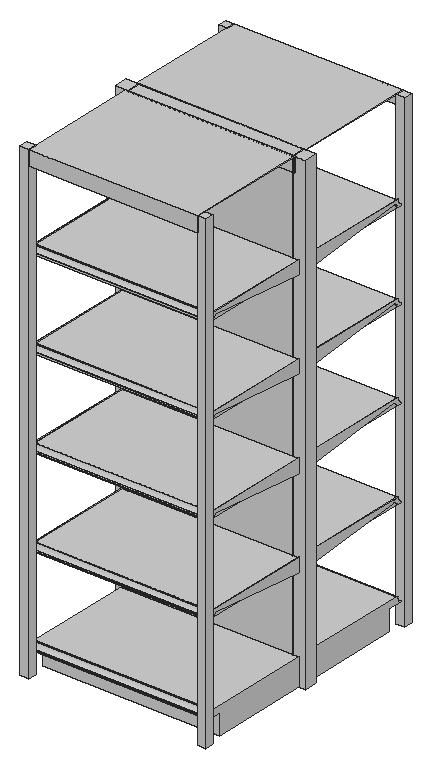
Revit family "HM1", category Specialty Equipment, Revit 2012
Parameters (values of type "Hyper Maxi Starter (Default)")
  Width = 3' - 0"
  URL = "http://madixinc.com/display/maxiline.html"
  Model = "Hyper Maxi"
  Manufacturer = "© 2012 Madix, Inc. All rights reserved."
  "Front" Base Shelf [instance] = yes
  "Front" Shelf 2' [instance] = yes
  "Front" Shelf 3' - 6" [instance] = yes
  "Front" Shelf 5' [instance] = yes
  "Front" Shelf 6' - 6" [instance] = yes
  "Back" Base Shelf [instance] = yes
  "Back" Shelf 2' [instance] = yes
  "Back" Shelf 3' - 6" [instance] = yes
  "Front" Shelf Depth = 1' - 10"
  "Back" Shelf 5' [instance] = yes
  "Back" Shelf Depth = 1' - 10"
  Upright Height = 8' - 0"
  "Back" Shelf 6' - 6" [instance] = yes
Reference planes (in)
  plane 1 "Center (Front/Back)": y = 0
  plane 2: z = 0
  plane 3 "Center (Left/Right)": x = 0
  plane 4: y = 1.375
  plane 5: y = -1.375
  plane 6: z = 96
  plane 7: z = 0
  plane 8 "1st shelf": z = 23.5
  plane 9 "2nd shelf": z = 41.5
  plane 10 "3rd shelf": z = 59.5
  plane 11 "4th shelf": z = 77.5
  plane 12: y = -24.25
  plane 13: x = -18
  plane 14: x = 18
  plane 15: x = -17.875
  plane 16: x = 17.875
  plane 17: z = 41.5
  plane 18: y = 24.25
  plane 19: y = 23.375
  plane 20: y = -23.375
Forms (in)
  Extrusion 1, solid, material "Metal - Steel"
    sketch origin (-24, 1.375, 0) x (1, 0, 0) y (0, 0, 1)
      loop
        line (6, 0) -> (7.25, 0) -> (42, 0) -> (43.25, 0) -> (43.25, 96) -> (40.75, 96) -> (40.75, 0.03125) -> (40.71924, 0.03125) -> (40.71924, 96) -> (7.2815, 96) -> (7.2815, 0.03125) -> (7.25, 0.03125) -> (7.25, 96) -> (4.75, 96) -> (4.75, 0) -> (6, 0)
    from 0 to 2.75
  Extrusion 2, solid, material "Metal - Steel", visible <- ""Front" Base Shelf"
    sketch origin (0, 0, 0) x (0, 1, 0) y (0, 0, 1)
      loop
        line (-1.375, 0) -> (-1.375, 5.5) -> (-23.375, 5.5) -> (-23.50139, 5.5) -> (-23.50139, 5.375) -> (-23.375, 5.375)
        arc (-23.375, 5.375) -> (-23.63696, 4.73714) -> (-24.125, 4.25) r 1.75
        line (-24.125, 4.25) -> (-24.125, 4.375) -> (-24.25, 4.375) -> (-24.25, 4.25) -> (-24.25, 4.125) -> (-21.375, 4.125) -> (-21.375, 0) -> (-1.375, 0)
    from -18 to 18
  Extrusion 3, solid, material "Metal - Steel", visible <- ""Front" Shelf 2'"
    sketch origin (0, 0, 0) x (0, 1, 0) y (0, 0, 1)
      loop
        line (-1.375, 23.5) -> (-23.5, 23.5) -> (-23.625, 23.5)
        arc (-23.625, 23.5) -> (-23.83033, 22.87796) -> (-24.25, 22.375) r 1.75
        line (-24.25, 22.375) -> (-24.25, 22.125) -> (-23.375, 22.125) -> (-23.375, 22.375) -> (-22.625, 23) -> (-22.375, 23) -> (-22.375, 22.875) -> (-1.375, 20.75) -> (-1.375, 23.5)
      loop
        circle (-20.375, 23) r 0.125
      loop
        circle (-2.5, 23) r 0.125
    from -18 to -17.875
  Extrusion 4, solid, material "Metal - Steel", visible <- ""Front" Shelf 2'"
    sketch origin (0, 0, 0) x (0, 1, 0) y (0, 0, 1)
      loop
        line (-23.5, 23.5) -> (-23.5, 23.375) -> (-23.375, 23.375)
        arc (-23.375, 23.375) -> (-23.58033, 22.75296) -> (-24, 22.25) r 1.75
        line (-24, 22.25) -> (-24, 22.375) -> (-24.125, 22.375) -> (-24.125, 22.125) -> (-23.375, 22.125) -> (-1.375, 22.125) -> (-1.375, 23.5) -> (-23.5, 23.5)
    from -17.875 to 17.875
  Extrusion 5, solid, material "Metal - Steel", visible <- ""Front" Shelf 2'"
    sketch origin (0, 0, 0) x (0, 1, 0) y (0, 0, -1)
      loop
        line (-1.375, -23.5) -> (-1.375, -20.75) -> (-22.375, -22.875) -> (-22.375, -23) -> (-22.625, -23) -> (-23.375, -22.375) -> (-23.375, -22.125) -> (-24.25, -22.125) -> (-24.25, -22.375)
        arc (-24.25, -22.375) -> (-23.83033, -22.87796) -> (-23.625, -23.5) r 1.75
        line (-23.625, -23.5) -> (-23.5, -23.5) -> (-1.375, -23.5)
      loop
        circle (-20.375, -23) r 0.125
      loop
        circle (-2.5, -23) r 0.125
    from -18 to -17.875
  Extrusion 6, solid, material "Metal - Steel", visible <- ""Front" Shelf 3' - 6""
    sketch origin (0, 0, 18) x (0, 1, 0) y (0, 0, 1)
      loop
        line (-1.375, 23.5) -> (-23.5, 23.5) -> (-23.625, 23.5)
        arc (-23.625, 23.5) -> (-23.83033, 22.87796) -> (-24.25, 22.375) r 1.75
        line (-24.25, 22.375) -> (-24.25, 22.125) -> (-23.375, 22.125) -> (-23.375, 22.375) -> (-22.625, 23) -> (-22.375, 23) -> (-22.375, 22.875) -> (-1.375, 20.75) -> (-1.375, 23.5)
      loop
        circle (-20.375, 23) r 0.125
      loop
        circle (-2.5, 23) r 0.125
    from -18 to -17.875
  Extrusion 7, solid, material "Metal - Steel", visible <- ""Front" Shelf 3' - 6""
    sketch origin (0, 0, 18) x (0, 1, 0) y (0, 0, 1)
      loop
        line (-23.5, 23.5) -> (-23.5, 23.375) -> (-23.375, 23.375)
        arc (-23.375, 23.375) -> (-23.58033, 22.75296) -> (-24, 22.25) r 1.75
        line (-24, 22.25) -> (-24, 22.375) -> (-24.25, 22.375) -> (-24.25, 22.125) -> (-23.375, 22.125) -> (-1.375, 22.125) -> (-1.375, 23.5) -> (-23.5, 23.5)
    from -17.875 to 17.875
  Extrusion 8, solid, material "Metal - Steel", visible <- ""Front" Shelf 3' - 6""
    sketch origin (0, 0, 18) x (0, 1, 0) y (0, 0, -1)
      loop
        line (-1.375, -23.5) -> (-1.375, -20.75) -> (-22.375, -22.875) -> (-22.375, -23) -> (-22.625, -23) -> (-23.375, -22.375) -> (-23.375, -22.125) -> (-24.25, -22.125) -> (-24.25, -22.375)
        arc (-24.25, -22.375) -> (-23.83033, -22.87796) -> (-23.625, -23.5) r 1.75
        line (-23.625, -23.5) -> (-23.5, -23.5) -> (-1.375, -23.5)
      loop
        circle (-20.375, -23) r 0.125
      loop
        circle (-2.5, -23) r 0.125
    from -18 to -17.875
  Extrusion 9, solid, material "Metal - Steel", visible <- ""Front" Shelf 5'"
    sketch origin (0, 0, 36) x (0, 1, 0) y (0, 0, 1)
      loop
        line (-1.375, 23.5) -> (-23.5, 23.5) -> (-23.625, 23.5)
        arc (-23.625, 23.5) -> (-23.83033, 22.87796) -> (-24.25, 22.375) r 1.75
        line (-24.25, 22.375) -> (-24.25, 22.125) -> (-23.375, 22.125) -> (-23.375, 22.375) -> (-22.625, 23) -> (-22.375, 23) -> (-22.375, 22.875) -> (-1.375, 20.75) -> (-1.375, 23.5)
      loop
        circle (-20.375, 23) r 0.125
      loop
        circle (-2.5, 23) r 0.125
    from -18 to -17.875
  Extrusion 10, solid, material "Metal - Steel", visible <- ""Front" Shelf 5'"
    sketch origin (0, 0, 36) x (0, 1, 0) y (0, 0, 1)
      loop
        line (-23.5, 23.5) -> (-23.5, 23.375) -> (-23.375, 23.375)
        arc (-23.375, 23.375) -> (-23.58033, 22.75296) -> (-24, 22.25) r 1.75
        line (-24, 22.25) -> (-24, 22.375) -> (-24.25, 22.375) -> (-24.25, 22.125) -> (-23.375, 22.125) -> (-1.375, 22.125) -> (-1.375, 23.5) -> (-23.5, 23.5)
    from -17.875 to 17.875
  Extrusion 11, solid, material "Metal - Steel", visible <- ""Front" Shelf 5'"
    sketch origin (0, 0, 36) x (0, 1, 0) y (0, 0, -1)
      loop
        line (-1.375, -23.5) -> (-1.375, -20.75) -> (-22.375, -22.875) -> (-22.375, -23) -> (-22.625, -23) -> (-23.375, -22.375) -> (-23.375, -22.125) -> (-24.25, -22.125) -> (-24.25, -22.375)
        arc (-24.25, -22.375) -> (-23.83033, -22.87796) -> (-23.625, -23.5) r 1.75
        line (-23.625, -23.5) -> (-23.5, -23.5) -> (-1.375, -23.5)
      loop
        circle (-20.375, -23) r 0.125
      loop
        circle (-2.5, -23) r 0.125
    from -18 to -17.875
  Extrusion 12, solid, material "Metal - Steel", visible <- ""Front" Shelf 6' - 6""
    sketch origin (0, 0, 54) x (0, 1, 0) y (0, 0, 1)
      loop
        line (-1.375, 23.5) -> (-23.5, 23.5) -> (-23.625, 23.5)
        arc (-23.625, 23.5) -> (-23.83033, 22.87796) -> (-24.25, 22.375) r 1.75
        line (-24.25, 22.375) -> (-24.25, 22.125) -> (-23.375, 22.125) -> (-23.375, 22.375) -> (-22.625, 23) -> (-22.375, 23) -> (-22.375, 22.875) -> (-1.375, 20.75) -> (-1.375, 23.5)
      loop
        circle (-20.375, 23) r 0.125
      loop
        circle (-2.5, 23) r 0.125
    from -18 to -17.875
  Extrusion 13, solid, material "Metal - Steel", visible <- ""Front" Shelf 6' - 6""
    sketch origin (0, 0, 54) x (0, 1, 0) y (0, 0, 1)
      loop
        line (-23.5, 23.5) -> (-23.5, 23.375) -> (-23.375, 23.375)
        arc (-23.375, 23.375) -> (-23.58033, 22.75296) -> (-24, 22.25) r 1.75
        line (-24, 22.25) -> (-24, 22.375) -> (-24.25, 22.375) -> (-24.25, 22.125) -> (-23.375, 22.125) -> (-1.375, 22.125) -> (-1.375, 23.5) -> (-23.5, 23.5)
    from -17.875 to 17.875
  Extrusion 14, solid, material "Metal - Steel", visible <- ""Front" Shelf 6' - 6""
    sketch origin (0, 0, 54) x (0, 1, 0) y (0, 0, -1)
      loop
        line (-1.375, -23.5) -> (-1.375, -20.75) -> (-22.375, -22.875) -> (-22.375, -23) -> (-22.625, -23) -> (-23.375, -22.375) -> (-23.375, -22.125) -> (-24.25, -22.125) -> (-24.25, -22.375)
        arc (-24.25, -22.375) -> (-23.83033, -22.87796) -> (-23.625, -23.5) r 1.75
        line (-23.625, -23.5) -> (-23.5, -23.5) -> (-1.375, -23.5)
      loop
        circle (-20.375, -23) r 0.125
      loop
        circle (-2.5, -23) r 0.125
    from -18 to -17.875
  Extrusion 15, solid, material "Metal - Steel", visible <- ""Back" Base Shelf"
    sketch origin (0, 0, 0) x (0, -1, 0) y (0, 0, -1)
      loop
        line (-1.375, 0) -> (-21.375, 0) -> (-21.375, -4.125) -> (-24.25, -4.125) -> (-24.25, -4.25) -> (-24.25, -4.375) -> (-24.125, -4.375) -> (-24.125, -4.25)
        arc (-24.125, -4.25) -> (-23.63696, -4.73714) -> (-23.375, -5.375) r 1.75
        line (-23.375, -5.375) -> (-23.50139, -5.375) -> (-23.50139, -5.5) -> (-23.375, -5.5) -> (-1.375, -5.5) -> (-1.375, 0)
    from -18 to 18
  Extrusion 16, solid, material "Metal - Steel", visible <- ""Back" Shelf 2'"
    sketch origin (0, 0, 0) x (0, -1, 0) y (0, 0, -1)
      loop
        line (-1.375, -23.5) -> (-1.375, -20.75) -> (-22.375, -22.875) -> (-22.375, -23) -> (-22.625, -23) -> (-23.375, -22.375) -> (-23.375, -22.125) -> (-24.25, -22.125) -> (-24.25, -22.375)
        arc (-24.25, -22.375) -> (-23.83033, -22.87796) -> (-23.625, -23.5) r 1.75
        line (-23.625, -23.5) -> (-23.5, -23.5) -> (-1.375, -23.5)
      loop
        circle (-20.375, -23) r 0.125
      loop
        circle (-2.5, -23) r 0.125
    from -18 to -17.875
  Extrusion 17, solid, material "Metal - Steel", visible <- ""Back" Shelf 2'"
    sketch origin (0, 0, 0) x (0, -1, 0) y (0, 0, -1)
      loop
        line (-23.5, -23.5) -> (-1.375, -23.5) -> (-1.375, -22.125) -> (-23.375, -22.125) -> (-24.125, -22.125) -> (-24.125, -22.375) -> (-24, -22.375) -> (-24, -22.25)
        arc (-24, -22.25) -> (-23.58033, -22.75296) -> (-23.375, -23.375) r 1.75
        line (-23.375, -23.375) -> (-23.5, -23.375) -> (-23.5, -23.5)
    from -17.875 to 17.875
  Extrusion 18, solid, material "Metal - Steel", visible <- ""Back" Shelf 2'"
    sketch origin (0, 0, 0) x (0, -1, 0) y (0, 0, 1)
      loop
        line (-1.375, 23.5) -> (-23.5, 23.5) -> (-23.625, 23.5)
        arc (-23.625, 23.5) -> (-23.83033, 22.87796) -> (-24.25, 22.375) r 1.75
        line (-24.25, 22.375) -> (-24.25, 22.125) -> (-23.375, 22.125) -> (-23.375, 22.375) -> (-22.625, 23) -> (-22.375, 23) -> (-22.375, 22.875) -> (-1.375, 20.75) -> (-1.375, 23.5)
      loop
        circle (-20.375, 23) r 0.125
      loop
        circle (-2.5, 23) r 0.125
    from -18 to -17.875
  Extrusion 19, solid, material "Metal - Steel", visible <- ""Back" Shelf 3' - 6""
    sketch origin (0, 0, 18) x (0, -1, 0) y (0, 0, -1)
      loop
        line (-1.375, -23.5) -> (-1.375, -20.75) -> (-22.375, -22.875) -> (-22.375, -23) -> (-22.625, -23) -> (-23.375, -22.375) -> (-23.375, -22.125) -> (-24.25, -22.125) -> (-24.25, -22.375)
        arc (-24.25, -22.375) -> (-23.83033, -22.87796) -> (-23.625, -23.5) r 1.75
        line (-23.625, -23.5) -> (-23.5, -23.5) -> (-1.375, -23.5)
      loop
        circle (-20.375, -23) r 0.125
      loop
        circle (-2.5, -23) r 0.125
    from -18 to -17.875
  Extrusion 20, solid, material "Metal - Steel", visible <- ""Back" Shelf 3' - 6""
    sketch origin (0, 0, 18) x (0, -1, 0) y (0, 0, -1)
      loop
        line (-23.5, -23.5) -> (-1.375, -23.5) -> (-1.375, -22.125) -> (-23.375, -22.125) -> (-24.25, -22.125) -> (-24.25, -22.375) -> (-24, -22.375) -> (-24, -22.25)
        arc (-24, -22.25) -> (-23.58033, -22.75296) -> (-23.375, -23.375) r 1.75
        line (-23.375, -23.375) -> (-23.5, -23.375) -> (-23.5, -23.5)
    from -17.875 to 17.875
  Extrusion 21, solid, material "Metal - Steel", visible <- ""Back" Shelf 3' - 6""
    sketch origin (0, 0, 18) x (0, -1, 0) y (0, 0, 1)
      loop
        line (-1.375, 23.5) -> (-23.5, 23.5) -> (-23.625, 23.5)
        arc (-23.625, 23.5) -> (-23.83033, 22.87796) -> (-24.25, 22.375) r 1.75
        line (-24.25, 22.375) -> (-24.25, 22.125) -> (-23.375, 22.125) -> (-23.375, 22.375) -> (-22.625, 23) -> (-22.375, 23) -> (-22.375, 22.875) -> (-1.375, 20.75) -> (-1.375, 23.5)
      loop
        circle (-20.375, 23) r 0.125
      loop
        circle (-2.5, 23) r 0.125
    from -18 to -17.875
  Extrusion 22, solid, material "Metal - Steel", visible <- ""Back" Shelf 5'"
    sketch origin (0, 0, 36) x (0, -1, 0) y (0, 0, -1)
      loop
        line (-1.375, -23.5) -> (-1.375, -20.75) -> (-22.375, -22.875) -> (-22.375, -23) -> (-22.625, -23) -> (-23.375, -22.375) -> (-23.375, -22.125) -> (-24.25, -22.125) -> (-24.25, -22.375)
        arc (-24.25, -22.375) -> (-23.83033, -22.87796) -> (-23.625, -23.5) r 1.75
        line (-23.625, -23.5) -> (-23.5, -23.5) -> (-1.375, -23.5)
      loop
        circle (-20.375, -23) r 0.125
      loop
        circle (-2.5, -23) r 0.125
    from -18 to -17.875
  Extrusion 23, solid, material "Metal - Steel", visible <- ""Back" Shelf 5'"
    sketch origin (0, 0, 36) x (0, -1, 0) y (0, 0, -1)
      loop
        line (-23.5, -23.5) -> (-1.375, -23.5) -> (-1.375, -22.125) -> (-23.375, -22.125) -> (-24.25, -22.125) -> (-24.25, -22.375) -> (-24, -22.375) -> (-24, -22.25)
        arc (-24, -22.25) -> (-23.58033, -22.75296) -> (-23.375, -23.375) r 1.75
        line (-23.375, -23.375) -> (-23.5, -23.375) -> (-23.5, -23.5)
    from -17.875 to 17.875
  Extrusion 24, solid, material "Metal - Steel", visible <- ""Back" Shelf 5'"
    sketch origin (0, 0, 36) x (0, -1, 0) y (0, 0, 1)
      loop
        line (-1.375, 23.5) -> (-23.5, 23.5) -> (-23.625, 23.5)
        arc (-23.625, 23.5) -> (-23.83033, 22.87796) -> (-24.25, 22.375) r 1.75
        line (-24.25, 22.375) -> (-24.25, 22.125) -> (-23.375, 22.125) -> (-23.375, 22.375) -> (-22.625, 23) -> (-22.375, 23) -> (-22.375, 22.875) -> (-1.375, 20.75) -> (-1.375, 23.5)
      loop
        circle (-20.375, 23) r 0.125
      loop
        circle (-2.5, 23) r 0.125
    from -18 to -17.875
  Extrusion 25, solid, material "Metal - Steel", visible <- ""Back" Shelf 6' - 6""
    sketch origin (0, 0, 54) x (0, -1, 0) y (0, 0, -1)
      loop
        line (-1.375, -23.5) -> (-1.375, -20.75) -> (-22.375, -22.875) -> (-22.375, -23) -> (-22.625, -23) -> (-23.375, -22.375) -> (-23.375, -22.125) -> (-24.25, -22.125) -> (-24.25, -22.375)
        arc (-24.25, -22.375) -> (-23.83033, -22.87796) -> (-23.625, -23.5) r 1.75
        line (-23.625, -23.5) -> (-23.5, -23.5) -> (-1.375, -23.5)
      loop
        circle (-20.375, -23) r 0.125
      loop
        circle (-2.5, -23) r 0.125
    from -18 to -17.875
  Extrusion 26, solid, material "Metal - Steel", visible <- ""Back" Shelf 6' - 6""
    sketch origin (0, 0, 54) x (0, -1, 0) y (0, 0, -1)
      loop
        line (-23.5, -23.5) -> (-1.375, -23.5) -> (-1.375, -22.125) -> (-23.375, -22.125) -> (-24.25, -22.125) -> (-24.25, -22.375) -> (-24, -22.375) -> (-24, -22.25)
        arc (-24, -22.25) -> (-23.58033, -22.75296) -> (-23.375, -23.375) r 1.75
        line (-23.375, -23.375) -> (-23.5, -23.375) -> (-23.5, -23.5)
    from -17.875 to 17.875
  Extrusion 27, solid, material "Metal - Steel", visible <- ""Back" Shelf 6' - 6""
    sketch origin (0, 0, 54) x (0, -1, 0) y (0, 0, 1)
      loop
        line (-1.375, 23.5) -> (-23.5, 23.5) -> (-23.625, 23.5)
        arc (-23.625, 23.5) -> (-23.83033, 22.87796) -> (-24.25, 22.375) r 1.75
        line (-24.25, 22.375) -> (-24.25, 22.125) -> (-23.375, 22.125) -> (-23.375, 22.375) -> (-22.625, 23) -> (-22.375, 23) -> (-22.375, 22.875) -> (-1.375, 20.75) -> (-1.375, 23.5)
      loop
        circle (-20.375, 23) r 0.125
      loop
        circle (-2.5, 23) r 0.125
    from -18 to -17.875
  Extrusion 28, solid, material "Metal - Steel"
    sketch origin (0, 0, 0) x (0, 1, 0) y (0, 0, 1)
      loop
        line (-24.25, 0) -> (-24.25, 96) -> (-26, 96) -> (-26, 0) -> (-24.25, 0)
    from -18.875 to -17.125
  Extrusion 29, solid, material "Metal - Steel"
    sketch origin (0, 0, 0) x (0, 1, 0) y (0, 0, -1)
      loop
        line (-24.25, 0) -> (-26, 0) -> (-26, -96) -> (-24.25, -96) -> (-24.25, 0)
    from -18.875 to -17.125
  Extrusion 30, solid, material "Metal - Steel"
    sketch origin (0, 0, 0) x (0, -1, 0) y (0, 0, -1)
      loop
        line (-24.25, 0) -> (-26, 0) -> (-26, -96) -> (-24.25, -96) -> (-24.25, 0)
    from -18.875 to -17.125
  Extrusion 31, solid, material "Metal - Steel"
    sketch origin (0, 0, 0) x (0, -1, 0) y (0, 0, 1)
      loop
        line (-24.25, 0) -> (-24.25, 96) -> (-26, 96) -> (-26, 0) -> (-24.25, 0)
    from -18.875 to -17.125
  Extrusion 32, solid, material "Metal - Steel"
    sketch origin (0, 0, 0) x (0, 1, 0) y (0, 0, 1)
      loop
        line (-1.375, 96) -> (-26, 96) -> (-26, 93) -> (-25.875, 93) -> (-25.875, 95.875) -> (-1.5, 95.875) -> (-1.5, 93) -> (-1.375, 93) -> (-1.375, 96)
    from -17.125 to 17.125
  Extrusion 33, solid, material "Metal - Steel"
    sketch origin (0, 27.375, 0) x (0, 1, 0) y (0, 0, 1)
      loop
        line (-1.375, 96) -> (-26, 96) -> (-26, 93) -> (-25.875, 93) -> (-25.875, 95.875) -> (-1.5, 95.875) -> (-1.5, 93) -> (-1.375, 93) -> (-1.375, 96)
    from -17.125 to 17.125
Lines and regions (in)
  Split face 1
    outline origin (-24, -1.375, 0) x (1, 0, 0) y (0, 0, 1)
      loop
        line (7.2815, 96) -> (7.2815, 0.03125) -> (40.71924, 0.03125) -> (40.71924, 96)
  Split face 2
    outline origin (-24, 1.375, 0) x (1, 0, 0) y (0, 0, 1)
      loop
        line (40.71924, 96) -> (40.71924, 0.03125) -> (7.2815, 0.03125) -> (7.2815, 96)
  model lines
    curve 1: line (-18, 0, 0) -> (18, 0, 0)
  reference lines
    curve 2: line (-16.75, 0, 23.5) -> (16.71875, 0, 23.5)
    curve 3: line (-16.75, 0, 59.5) -> (16.71875, 0, 59.5)
    curve 4: line (16.71875, 0, 77.5) -> (-16.71875, 0, 77.5)
Dimensions and locks (in)
  "Upright Height": plane 6 to level
  ""Front" Shelf Depth": plane 20 to plane 5
  equal spacing: plane 13, plane 3 "Center (Left/Right)", plane 14
  "Width": plane 13 to plane 14
  locked: plane 13 to plane 15 at 0.125
  locked: plane 16 to plane 14 at 0.125
  ""Back" Shelf Depth": plane 4 to plane 19
  locked: plane 19 to plane 18 at 0.875
  locked: plane 20 to plane 12 at 0.875
  aligned and locked: level to plane 2
  aligned and locked: plane 12 to Extrusion 2
  aligned and locked: Extrusion 2 to plane 5
  aligned and locked: plane 13 to Extrusion 2
  aligned and locked: plane 14 to Extrusion 2
  aligned and locked: Extrusion 4 to Extrusion 5
  aligned and locked: Extrusion 3 to Extrusion 2
  aligned and locked: Extrusion 3 to plane 15
  aligned and locked: Extrusion 4 to Extrusion 3
  aligned and locked: Extrusion 5 to Extrusion 2
  aligned and locked: plane 16 to Extrusion 5
  aligned and locked: Extrusion 7 to Extrusion 8
  aligned and locked: Extrusion 7 to Extrusion 6
  aligned and locked: Extrusion 6 to Extrusion 3
  aligned and locked: Extrusion 8 to Extrusion 4
  aligned and locked: Extrusion 8 to Extrusion 2
  aligned and locked: Extrusion 2 to Extrusion 7
  aligned and locked: Extrusion 6 to plane 15
  aligned and locked: Extrusion 6 to Extrusion 2
  aligned and locked: Extrusion 10 to Extrusion 11
  aligned and locked: Extrusion 10 to Extrusion 9
  aligned and locked: Extrusion 9 to Extrusion 3
  aligned and locked: Extrusion 2 to Extrusion 10
  aligned and locked: Extrusion 11 to Extrusion 2
  aligned and locked: Extrusion 11 to Extrusion 4
  aligned and locked: Extrusion 9 to Extrusion 2
  aligned and locked: Extrusion 13 to Extrusion 14
  aligned and locked: Extrusion 13 to Extrusion 12
  aligned and locked: Extrusion 12 to Extrusion 2
  aligned and locked: Extrusion 12 to Extrusion 3
  aligned and locked: Extrusion 2 to Extrusion 13
  aligned and locked: Extrusion 14 to Extrusion 2
  aligned and locked: Extrusion 14 to Extrusion 4
  aligned and locked: curve 1 to Extrusion 15
  aligned and locked: Extrusion 15 to Extrusion 2
  aligned and locked: Extrusion 2 to Extrusion 15
  aligned and locked: plane 13 to Extrusion 15
  aligned and locked: Extrusion 18 to Extrusion 17
  aligned and locked: Extrusion 16 to Extrusion 17
  aligned and locked: Extrusion 15 to plane 18
  aligned and locked: Extrusion 16 to curve 1
  aligned and locked: plane 15 to Extrusion 16
  aligned and locked: curve 1 to Extrusion 18
  aligned and locked: Extrusion 18 to Extrusion 4
  aligned and locked: Extrusion 16 to Extrusion 2
  aligned and locked: Extrusion 21 to Extrusion 20
  aligned and locked: Extrusion 19 to Extrusion 20
  aligned and locked: Extrusion 15 to Extrusion 20
  aligned and locked: plane 15 to Extrusion 19
  aligned and locked: plane 13 to Extrusion 19
  aligned and locked: Extrusion 21 to plane 14
  aligned and locked: Extrusion 21 to plane 16
  aligned and locked: Extrusion 24 to Extrusion 23
  aligned and locked: Extrusion 22 to Extrusion 23
  aligned and locked: Extrusion 15 to Extrusion 23
  aligned and locked: Extrusion 24 to plane 16
  aligned and locked: Extrusion 24 to plane 14
  aligned and locked: plane 15 to Extrusion 22
  aligned and locked: plane 13 to Extrusion 22
  aligned and locked: Extrusion 27 to Extrusion 26
  aligned and locked: Extrusion 25 to Extrusion 26
  aligned and locked: Extrusion 15 to Extrusion 26
  aligned and locked: plane 13 to Extrusion 25
  aligned and locked: plane 15 to Extrusion 25
  aligned and locked: Extrusion 27 to plane 14
  aligned and locked: Extrusion 27 to plane 16
  aligned and locked: Extrusion 1 to plane 6  (x2)
  aligned and locked: Extrusion 32 to Extrusion 28
  aligned and locked: Extrusion 32 to Extrusion 29
  aligned and locked: plane 19 to Extrusion 15
  aligned and locked: plane 20 to Extrusion 2
Automatic sketch dimensions
  plane 1 "Center (Front/Back)" to curve 1 = 0' - 0"
  curve 3 to plane 10 "3rd shelf" = 0' - 0"
  curve 2 to plane 8 "1st shelf" = 0' - 0"
  curve 4 to plane 11 "4th shelf" = 0' - 0"
  plane 15 to curve 3 = 0' - 1 1/8"
  plane 15 to curve 2 = 0' - 1 1/8"
  plane 15 to curve 4 = 0' - 1 5/32"
  plane 16 to curve 4 = 0' - 1 5/32"
  plane 16 to curve 3 = 0' - 1 5/32"
  plane 16 to curve 2 = 0' - 1 5/32"
  Extrusion 1 sketch curve to level = 0' - 0"
  Extrusion 1 sketch curve to plane 6 = 0' - 0"  (x3)
  plane 13 to Extrusion 1 sketch curve = 0' - 0"
  plane 14 to Extrusion 1 sketch curve = 0' - 0"
  plane 13 to Extrusion 1 sketch curve = 0' - 1 1/4"
  plane 15 to Extrusion 1 sketch curve = 0' - 1 1/8"  (x2)
  Extrusion 1 sketch curve to Extrusion 1 sketch curve = 0' - 0.0315"
  plane 16 to Extrusion 1 sketch curve = 0' - 1.15576"
  Extrusion 1 sketch curve to Extrusion 1 sketch curve = 0' - 0.03076"
  Extrusion 1 sketch curve to plane 14 = 0' - 1 1/4"
  level to Extrusion 1 sketch curve = 0' - 0 1/32"  (x2)
  Extrusion 2 sketch curve to plane 12 = 0' - 0"
  Extrusion 2 sketch curve to level = 0' - 0"
  Extrusion 2 sketch curve to plane 5 = 0' - 0"
  Extrusion 2 sketch curve to plane 12 = 0' - 0.84305"
  plane 12 to Extrusion 2 sketch curve = 0' - 0 1/8"
  plane 12 to Extrusion 2 sketch curve = 0' - 0.74861"
  Extrusion 2 sketch curve to Extrusion 2 sketch curve = 0' - 0.12639"
  Extrusion 2 sketch curve to Extrusion 2 sketch curve = 0' - 0"
  plane 12 to Extrusion 2 sketch curve = 0' - 2 7/8"
  level to Extrusion 2 sketch curve = 0' - 4 1/8"
  Extrusion 2 sketch curve to Extrusion 2 sketch curve = 0' - 0 1/8"  (x4)
  Extrusion 2 sketch curve to Extrusion 2 sketch curve = 0' - 1"
  Extrusion 3 sketch curve to plane 12 = 0' - 0"
  Extrusion 3 sketch curve to plane 8 "1st shelf" = 0' - 0"
  Extrusion 3 sketch curve to plane 5 = 0' - 0"
  plane 8 "1st shelf" to Extrusion 3 sketch curve = 0' - 0.22784"
  Extrusion 3 sketch curve to plane 12 = 0' - 1.11011"
  plane 12 to Extrusion 3 sketch curve = 0' - 0 5/8"
  Extrusion 3 sketch curve to Extrusion 3 sketch curve = 0' - 0 1/8"  (x2)
  plane 12 to Extrusion 3 sketch curve = 0' - 0 7/8"
  Extrusion 3 sketch curve to Extrusion 3 sketch curve = 0' - 0 3/4"
  Extrusion 3 sketch curve to Extrusion 3 sketch curve = 0' - 0 1/4"  (x2)
  Extrusion 3 sketch curve to plane 8 "1st shelf" = 0' - 0 1/2"  (x2)
  Extrusion 3 sketch curve to Extrusion 3 sketch curve = 0' - 2"
  plane 5 to Extrusion 3 sketch curve = 0' - 1 1/8"
  Extrusion 3 sketch curve to Extrusion 3 sketch curve = 0' - 0"
  Extrusion 3 sketch curve to Extrusion 3 sketch curve = 0' - 2 1/4"
  Extrusion 3 sketch curve to plane 8 "1st shelf" = 0' - 0 5/8"
  Extrusion 4 sketch curve to plane 8 "1st shelf" = 0' - 0"
  Extrusion 4 sketch curve to plane 5 = 0' - 0"
  plane 12 to Extrusion 4 sketch curve = 0' - 0 7/8"  (x2)
  Extrusion 4 sketch curve to plane 8 "1st shelf" = 0' - 0 1/8"
  Extrusion 4 sketch curve to Extrusion 4 sketch curve = 0' - 0 1/8"  (x3)
  plane 12 to Extrusion 4 sketch curve = 0' - 0 1/4"
  plane 12 to Extrusion 4 sketch curve = 0' - 0 1/8"
  plane 8 "1st shelf" to Extrusion 4 sketch curve = 0' - 0.10284"
  Extrusion 4 sketch curve to plane 12 = 0' - 0.86011"
  Extrusion 5 sketch curve to plane 12 = 0' - 0"
  Extrusion 5 sketch curve to plane 8 "1st shelf" = 0' - 0"
  Extrusion 5 sketch curve to plane 5 = 0' - 0"
  plane 8 "1st shelf" to Extrusion 5 sketch curve = 0' - 0.22784"
  Extrusion 5 sketch curve to plane 12 = 0' - 1.11011"
  plane 12 to Extrusion 5 sketch curve = 0' - 0 5/8"
  Extrusion 5 sketch curve to Extrusion 5 sketch curve = 0' - 0 1/8"  (x2)
  plane 12 to Extrusion 5 sketch curve = 0' - 0 7/8"
  Extrusion 5 sketch curve to Extrusion 5 sketch curve = 0' - 0 3/4"
  Extrusion 5 sketch curve to Extrusion 5 sketch curve = 0' - 0 1/4"  (x2)
  Extrusion 5 sketch curve to plane 8 "1st shelf" = 0' - 0 1/2"  (x3)
  Extrusion 5 sketch curve to Extrusion 5 sketch curve = 0' - 2"
  plane 5 to Extrusion 5 sketch curve = 0' - 1 1/8"
  Extrusion 5 sketch curve to Extrusion 5 sketch curve = 0' - 0"
  Extrusion 5 sketch curve to Extrusion 5 sketch curve = 0' - 2 1/4"
  Extrusion 6 sketch curve to plane 12 = 0' - 0"
  Extrusion 6 sketch curve to plane 9 "2nd shelf" = 0' - 0"
  Extrusion 6 sketch curve to plane 5 = 0' - 0"
  plane 9 "2nd shelf" to Extrusion 6 sketch curve = 0' - 0.22784"
  Extrusion 6 sketch curve to plane 12 = 0' - 1.11011"
  plane 12 to Extrusion 6 sketch curve = 0' - 0 5/8"
  Extrusion 6 sketch curve to Extrusion 6 sketch curve = 0' - 0 1/8"  (x2)
  plane 12 to Extrusion 6 sketch curve = 0' - 0 7/8"
  Extrusion 6 sketch curve to Extrusion 6 sketch curve = 0' - 0 3/4"
  Extrusion 6 sketch curve to Extrusion 6 sketch curve = 0' - 0 1/4"  (x2)
  Extrusion 6 sketch curve to plane 9 "2nd shelf" = 0' - 0 1/2"  (x2)
  Extrusion 6 sketch curve to Extrusion 6 sketch curve = 0' - 2"
  plane 5 to Extrusion 6 sketch curve = 0' - 1 1/8"
  Extrusion 6 sketch curve to Extrusion 6 sketch curve = 0' - 0"
  Extrusion 6 sketch curve to Extrusion 6 sketch curve = 0' - 2 1/4"
  Extrusion 6 sketch curve to plane 9 "2nd shelf" = 0' - 0 5/8"
  Extrusion 7 sketch curve to plane 12 = 0' - 0"
  Extrusion 7 sketch curve to plane 9 "2nd shelf" = 0' - 0"
  Extrusion 7 sketch curve to plane 5 = 0' - 0"
  plane 9 "2nd shelf" to Extrusion 7 sketch curve = 0' - 0.10284"
  Extrusion 7 sketch curve to plane 12 = 0' - 0.86011"
  plane 12 to Extrusion 7 sketch curve = 0' - 0 1/4"
  plane 12 to Extrusion 7 sketch curve = 0' - 0 3/4"
  Extrusion 7 sketch curve to Extrusion 7 sketch curve = 0' - 0 5/8"
  Extrusion 7 sketch curve to Extrusion 7 sketch curve = 0' - 0 1/8"  (x2)
  Extrusion 7 sketch curve to plane 9 "2nd shelf" = 0' - 0 1/8"
  Extrusion 7 sketch curve to Extrusion 7 sketch curve = 0' - 0 1/4"
  Extrusion 8 sketch curve to plane 12 = 0' - 0"
  Extrusion 8 sketch curve to plane 9 "2nd shelf" = 0' - 0"
  Extrusion 8 sketch curve to plane 5 = 0' - 0"
  plane 9 "2nd shelf" to Extrusion 8 sketch curve = 0' - 0.22784"
  Extrusion 8 sketch curve to plane 12 = 0' - 1.11011"
  plane 12 to Extrusion 8 sketch curve = 0' - 0 5/8"
  Extrusion 8 sketch curve to Extrusion 8 sketch curve = 0' - 0 1/8"  (x2)
  plane 12 to Extrusion 8 sketch curve = 0' - 0 7/8"
  Extrusion 8 sketch curve to Extrusion 8 sketch curve = 0' - 0 3/4"
  Extrusion 8 sketch curve to Extrusion 8 sketch curve = 0' - 0 1/4"  (x2)
  Extrusion 8 sketch curve to plane 9 "2nd shelf" = 0' - 0 1/2"  (x3)
  Extrusion 8 sketch curve to Extrusion 8 sketch curve = 0' - 2"
  plane 5 to Extrusion 8 sketch curve = 0' - 1 1/8"
  Extrusion 8 sketch curve to Extrusion 8 sketch curve = 0' - 0"
  Extrusion 8 sketch curve to Extrusion 8 sketch curve = 0' - 2 1/4"
  Extrusion 9 sketch curve to plane 12 = 0' - 0"
  Extrusion 9 sketch curve to plane 10 "3rd shelf" = 0' - 0"
  Extrusion 9 sketch curve to plane 5 = 0' - 0"
  plane 10 "3rd shelf" to Extrusion 9 sketch curve = 0' - 0.22784"
  Extrusion 9 sketch curve to plane 12 = 0' - 1.11011"
  plane 12 to Extrusion 9 sketch curve = 0' - 0 5/8"
  Extrusion 9 sketch curve to Extrusion 9 sketch curve = 0' - 0 1/8"  (x2)
  plane 12 to Extrusion 9 sketch curve = 0' - 0 7/8"
  Extrusion 9 sketch curve to Extrusion 9 sketch curve = 0' - 0 3/4"
  Extrusion 9 sketch curve to Extrusion 9 sketch curve = 0' - 0 1/4"  (x2)
  Extrusion 9 sketch curve to plane 10 "3rd shelf" = 0' - 0 1/2"  (x2)
  Extrusion 9 sketch curve to Extrusion 9 sketch curve = 0' - 2"
  plane 5 to Extrusion 9 sketch curve = 0' - 1 1/8"
  Extrusion 9 sketch curve to Extrusion 9 sketch curve = 0' - 0"
  Extrusion 9 sketch curve to Extrusion 9 sketch curve = 0' - 2 1/4"
  Extrusion 9 sketch curve to plane 10 "3rd shelf" = 0' - 0 5/8"
  Extrusion 10 sketch curve to plane 12 = 0' - 0"
  Extrusion 10 sketch curve to plane 10 "3rd shelf" = 0' - 0"
  Extrusion 10 sketch curve to plane 5 = 0' - 0"
  plane 10 "3rd shelf" to Extrusion 10 sketch curve = 0' - 0.10284"
  Extrusion 10 sketch curve to plane 12 = 0' - 0.86011"
  plane 12 to Extrusion 10 sketch curve = 0' - 0 1/4"
  plane 12 to Extrusion 10 sketch curve = 0' - 0 3/4"
  Extrusion 10 sketch curve to Extrusion 10 sketch curve = 0' - 0 5/8"
  Extrusion 10 sketch curve to Extrusion 10 sketch curve = 0' - 0 1/8"  (x2)
  Extrusion 10 sketch curve to plane 10 "3rd shelf" = 0' - 0 1/8"
  Extrusion 10 sketch curve to Extrusion 10 sketch curve = 0' - 0 1/4"
  Extrusion 11 sketch curve to plane 12 = 0' - 0"
  Extrusion 11 sketch curve to plane 10 "3rd shelf" = 0' - 0"
  Extrusion 11 sketch curve to plane 5 = 0' - 0"
  plane 10 "3rd shelf" to Extrusion 11 sketch curve = 0' - 0.22784"
  Extrusion 11 sketch curve to plane 12 = 0' - 1.11011"
  plane 12 to Extrusion 11 sketch curve = 0' - 0 5/8"
  Extrusion 11 sketch curve to Extrusion 11 sketch curve = 0' - 0 1/8"  (x2)
  plane 12 to Extrusion 11 sketch curve = 0' - 0 7/8"
  Extrusion 11 sketch curve to Extrusion 11 sketch curve = 0' - 0 3/4"
  Extrusion 11 sketch curve to Extrusion 11 sketch curve = 0' - 0 1/4"  (x2)
  Extrusion 11 sketch curve to plane 10 "3rd shelf" = 0' - 0 1/2"  (x3)
  Extrusion 11 sketch curve to Extrusion 11 sketch curve = 0' - 2"
  plane 5 to Extrusion 11 sketch curve = 0' - 1 1/8"
  Extrusion 11 sketch curve to Extrusion 11 sketch curve = 0' - 0"
  Extrusion 11 sketch curve to Extrusion 11 sketch curve = 0' - 2 1/4"
  Extrusion 12 sketch curve to plane 12 = 0' - 0"
  Extrusion 12 sketch curve to plane 11 "4th shelf" = 0' - 0"
  Extrusion 12 sketch curve to plane 5 = 0' - 0"
  plane 11 "4th shelf" to Extrusion 12 sketch curve = 0' - 0.22784"
  Extrusion 12 sketch curve to plane 12 = 0' - 1.11011"
  plane 12 to Extrusion 12 sketch curve = 0' - 0 5/8"
  Extrusion 12 sketch curve to Extrusion 12 sketch curve = 0' - 0 1/8"  (x2)
  plane 12 to Extrusion 12 sketch curve = 0' - 0 7/8"
  Extrusion 12 sketch curve to Extrusion 12 sketch curve = 0' - 0 3/4"
  Extrusion 12 sketch curve to Extrusion 12 sketch curve = 0' - 0 1/4"  (x2)
  Extrusion 12 sketch curve to plane 11 "4th shelf" = 0' - 0 1/2"  (x2)
  Extrusion 12 sketch curve to Extrusion 12 sketch curve = 0' - 2"
  plane 5 to Extrusion 12 sketch curve = 0' - 1 1/8"
  Extrusion 12 sketch curve to Extrusion 12 sketch curve = 0' - 0"
  Extrusion 12 sketch curve to Extrusion 12 sketch curve = 0' - 2 1/4"
  Extrusion 12 sketch curve to plane 11 "4th shelf" = 0' - 0 5/8"
  Extrusion 13 sketch curve to plane 12 = 0' - 0"
  Extrusion 13 sketch curve to plane 11 "4th shelf" = 0' - 0"
  Extrusion 13 sketch curve to plane 5 = 0' - 0"
  plane 11 "4th shelf" to Extrusion 13 sketch curve = 0' - 0.10284"
  Extrusion 13 sketch curve to plane 12 = 0' - 0.86011"
  plane 12 to Extrusion 13 sketch curve = 0' - 0 1/4"
  plane 12 to Extrusion 13 sketch curve = 0' - 0 3/4"
  Extrusion 13 sketch curve to Extrusion 13 sketch curve = 0' - 0 5/8"
  Extrusion 13 sketch curve to Extrusion 13 sketch curve = 0' - 0 1/8"  (x2)
  Extrusion 13 sketch curve to plane 11 "4th shelf" = 0' - 0 1/8"
  Extrusion 13 sketch curve to Extrusion 13 sketch curve = 0' - 0 1/4"
  Extrusion 14 sketch curve to plane 12 = 0' - 0"
  Extrusion 14 sketch curve to plane 11 "4th shelf" = 0' - 0"
  Extrusion 14 sketch curve to plane 5 = 0' - 0"
  plane 11 "4th shelf" to Extrusion 14 sketch curve = 0' - 0.22784"
  Extrusion 14 sketch curve to plane 12 = 0' - 1.11011"
  plane 12 to Extrusion 14 sketch curve = 0' - 0 5/8"
  Extrusion 14 sketch curve to Extrusion 14 sketch curve = 0' - 0 1/8"  (x2)
  plane 12 to Extrusion 14 sketch curve = 0' - 0 7/8"
  Extrusion 14 sketch curve to Extrusion 14 sketch curve = 0' - 0 3/4"
  Extrusion 14 sketch curve to Extrusion 14 sketch curve = 0' - 0 1/4"  (x2)
  Extrusion 14 sketch curve to plane 11 "4th shelf" = 0' - 0 1/2"  (x3)
  Extrusion 14 sketch curve to Extrusion 14 sketch curve = 0' - 2"
  plane 5 to Extrusion 14 sketch curve = 0' - 1 1/8"
  Extrusion 14 sketch curve to Extrusion 14 sketch curve = 0' - 0"
  Extrusion 14 sketch curve to Extrusion 14 sketch curve = 0' - 2 1/4"
  Split face 1 sketch curve to Extrusion 1 = 0' - 0"  (x4)
  Extrusion 1 to Split face 1 sketch curve = 0' - 0"
  Extrusion 15 sketch curve to plane 18 = 0' - 0"
  Extrusion 15 sketch curve to level = 0' - 0"
  Extrusion 15 sketch curve to plane 4 = 0' - 0"
  plane 18 to Extrusion 15 sketch curve = 0' - 0.84305"
  Extrusion 15 sketch curve to plane 18 = 0' - 0 1/8"
  Extrusion 15 sketch curve to plane 18 = 0' - 0.74861"
  Extrusion 15 sketch curve to Extrusion 15 sketch curve = 0' - 0.12639"
  Extrusion 15 sketch curve to Extrusion 15 sketch curve = 0' - 0"  (x2)
  Extrusion 15 sketch curve to plane 18 = 0' - 2 7/8"
  Extrusion 15 sketch curve to level = 0' - 4 1/8"
  Extrusion 15 sketch curve to Extrusion 15 sketch curve = 0' - 0 1/8"  (x3)
  Extrusion 15 sketch curve to Extrusion 15 sketch curve = 0' - 1"
  Extrusion 16 sketch curve to plane 18 = 0' - 0"
  Extrusion 16 sketch curve to plane 8 "1st shelf" = 0' - 0"
  Extrusion 16 sketch curve to plane 4 = 0' - 0"
  Extrusion 16 sketch curve to plane 8 "1st shelf" = 0' - 0.22784"
  plane 18 to Extrusion 16 sketch curve = 0' - 1.11011"
  Extrusion 16 sketch curve to plane 18 = 0' - 0 5/8"
  Extrusion 16 sketch curve to Extrusion 16 sketch curve = 0' - 0 1/8"  (x2)
  Extrusion 16 sketch curve to Extrusion 16 sketch curve = 0' - 0 7/8"
  Extrusion 16 sketch curve to Extrusion 16 sketch curve = 0' - 0 3/4"
  Extrusion 16 sketch curve to Extrusion 16 sketch curve = 0' - 0 1/4"  (x2)
  plane 8 "1st shelf" to Extrusion 16 sketch curve = 0' - 0 1/2"  (x2)
  Extrusion 16 sketch curve to Extrusion 16 sketch curve = 0' - 2"
  Extrusion 16 sketch curve to plane 4 = 0' - 1 1/8"
  Extrusion 16 sketch curve to Extrusion 16 sketch curve = 0' - 0"
  Extrusion 16 sketch curve to Extrusion 16 sketch curve = 0' - 2 1/4"
  plane 8 "1st shelf" to Extrusion 16 sketch curve = 0' - 0 5/8"
  Extrusion 17 sketch curve to plane 8 "1st shelf" = 0' - 0"
  Extrusion 17 sketch curve to plane 4 = 0' - 0"
  Extrusion 17 sketch curve to plane 18 = 0' - 0 7/8"  (x2)
  plane 8 "1st shelf" to Extrusion 17 sketch curve = 0' - 0 1/8"
  Extrusion 17 sketch curve to Extrusion 17 sketch curve = 0' - 0 1/8"  (x3)
  Extrusion 17 sketch curve to plane 18 = 0' - 0 1/4"
  Extrusion 17 sketch curve to plane 18 = 0' - 0 1/8"
  Extrusion 17 sketch curve to plane 8 "1st shelf" = 0' - 0.10284"
  plane 18 to Extrusion 17 sketch curve = 0' - 0.86011"
  Extrusion 18 sketch curve to plane 18 = 0' - 0"
  Extrusion 18 sketch curve to plane 8 "1st shelf" = 0' - 0"
  Extrusion 18 sketch curve to plane 4 = 0' - 0"
  plane 8 "1st shelf" to Extrusion 18 sketch curve = 0' - 0.22784"
  Extrusion 18 sketch curve to plane 18 = 0' - 1.11011"
  plane 18 to Extrusion 18 sketch curve = 0' - 0 5/8"
  Extrusion 18 sketch curve to Extrusion 18 sketch curve = 0' - 0 1/8"  (x2)
  plane 18 to Extrusion 18 sketch curve = 0' - 0 7/8"
  Extrusion 18 sketch curve to Extrusion 18 sketch curve = 0' - 0 3/4"
  Extrusion 18 sketch curve to Extrusion 18 sketch curve = 0' - 0 1/4"  (x2)
  Extrusion 18 sketch curve to plane 8 "1st shelf" = 0' - 0 1/2"  (x2)
  Extrusion 18 sketch curve to Extrusion 18 sketch curve = 0' - 2"
  plane 4 to Extrusion 18 sketch curve = 0' - 1 1/8"
  Extrusion 18 sketch curve to Extrusion 18 sketch curve = 0' - 0"
  Extrusion 18 sketch curve to Extrusion 18 sketch curve = 0' - 2 1/4"
  Extrusion 18 sketch curve to plane 8 "1st shelf" = 0' - 0 5/8"
  Extrusion 19 sketch curve to plane 18 = 0' - 0"
  Extrusion 19 sketch curve to plane 9 "2nd shelf" = 0' - 0"
  Extrusion 19 sketch curve to plane 4 = 0' - 0"
  Extrusion 19 sketch curve to plane 9 "2nd shelf" = 0' - 0.22784"
  plane 18 to Extrusion 19 sketch curve = 0' - 1.11011"
  Extrusion 19 sketch curve to plane 18 = 0' - 0 5/8"
  Extrusion 19 sketch curve to Extrusion 19 sketch curve = 0' - 0 1/8"  (x2)
  Extrusion 19 sketch curve to Extrusion 19 sketch curve = 0' - 0 7/8"
  Extrusion 19 sketch curve to Extrusion 19 sketch curve = 0' - 0 3/4"
  Extrusion 19 sketch curve to Extrusion 19 sketch curve = 0' - 0 1/4"  (x2)
  plane 9 "2nd shelf" to Extrusion 19 sketch curve = 0' - 0 1/2"  (x2)
  Extrusion 19 sketch curve to Extrusion 19 sketch curve = 0' - 2"
  Extrusion 19 sketch curve to plane 4 = 0' - 1 1/8"
  Extrusion 19 sketch curve to Extrusion 19 sketch curve = 0' - 0"
  Extrusion 19 sketch curve to Extrusion 19 sketch curve = 0' - 2 1/4"
  plane 9 "2nd shelf" to Extrusion 19 sketch curve = 0' - 0 5/8"
  Extrusion 20 sketch curve to plane 18 = 0' - 0"
  Extrusion 20 sketch curve to plane 9 "2nd shelf" = 0' - 0"
  Extrusion 20 sketch curve to plane 4 = 0' - 0"
  Extrusion 20 sketch curve to plane 9 "2nd shelf" = 0' - 0.10284"
  plane 18 to Extrusion 20 sketch curve = 0' - 0.86011"
  Extrusion 20 sketch curve to plane 18 = 0' - 0 1/4"
  Extrusion 20 sketch curve to plane 18 = 0' - 0 3/4"
  Extrusion 20 sketch curve to Extrusion 20 sketch curve = 0' - 0 5/8"
  Extrusion 20 sketch curve to Extrusion 20 sketch curve = 0' - 0 1/8"  (x2)
  plane 9 "2nd shelf" to Extrusion 20 sketch curve = 0' - 0 1/8"
  Extrusion 20 sketch curve to Extrusion 20 sketch curve = 0' - 0 1/4"
  Extrusion 21 sketch curve to plane 18 = 0' - 0"
  Extrusion 21 sketch curve to plane 9 "2nd shelf" = 0' - 0"
  Extrusion 21 sketch curve to plane 4 = 0' - 0"
  plane 9 "2nd shelf" to Extrusion 21 sketch curve = 0' - 0.22784"
  Extrusion 21 sketch curve to plane 18 = 0' - 1.11011"
  plane 18 to Extrusion 21 sketch curve = 0' - 0 5/8"
  Extrusion 21 sketch curve to Extrusion 21 sketch curve = 0' - 0 1/8"  (x2)
  plane 18 to Extrusion 21 sketch curve = 0' - 0 7/8"
  Extrusion 21 sketch curve to Extrusion 21 sketch curve = 0' - 0 3/4"
  Extrusion 21 sketch curve to Extrusion 21 sketch curve = 0' - 0 1/4"  (x2)
  Extrusion 21 sketch curve to plane 9 "2nd shelf" = 0' - 0 1/2"  (x2)
  Extrusion 21 sketch curve to Extrusion 21 sketch curve = 0' - 2"
  plane 4 to Extrusion 21 sketch curve = 0' - 1 1/8"
  Extrusion 21 sketch curve to Extrusion 21 sketch curve = 0' - 0"
  Extrusion 21 sketch curve to Extrusion 21 sketch curve = 0' - 2 1/4"
  Extrusion 21 sketch curve to plane 9 "2nd shelf" = 0' - 0 5/8"
  Extrusion 22 sketch curve to plane 18 = 0' - 0"
  Extrusion 22 sketch curve to plane 10 "3rd shelf" = 0' - 0"
  Extrusion 22 sketch curve to plane 4 = 0' - 0"
  Extrusion 22 sketch curve to plane 10 "3rd shelf" = 0' - 0.22784"
  plane 18 to Extrusion 22 sketch curve = 0' - 1.11011"
  Extrusion 22 sketch curve to plane 18 = 0' - 0 5/8"
  Extrusion 22 sketch curve to Extrusion 22 sketch curve = 0' - 0 1/8"  (x2)
  Extrusion 22 sketch curve to Extrusion 22 sketch curve = 0' - 0 7/8"
  Extrusion 22 sketch curve to Extrusion 22 sketch curve = 0' - 0 3/4"
  Extrusion 22 sketch curve to Extrusion 22 sketch curve = 0' - 0 1/4"  (x2)
  plane 10 "3rd shelf" to Extrusion 22 sketch curve = 0' - 0 1/2"  (x2)
  Extrusion 22 sketch curve to Extrusion 22 sketch curve = 0' - 2"
  Extrusion 22 sketch curve to plane 4 = 0' - 1 1/8"
  Extrusion 22 sketch curve to Extrusion 22 sketch curve = 0' - 0"
  Extrusion 22 sketch curve to Extrusion 22 sketch curve = 0' - 2 1/4"
  plane 10 "3rd shelf" to Extrusion 22 sketch curve = 0' - 0 5/8"
  Extrusion 23 sketch curve to plane 18 = 0' - 0"
  Extrusion 23 sketch curve to plane 10 "3rd shelf" = 0' - 0"
  Extrusion 23 sketch curve to plane 4 = 0' - 0"
  Extrusion 23 sketch curve to plane 10 "3rd shelf" = 0' - 0.10284"
  plane 18 to Extrusion 23 sketch curve = 0' - 0.86011"
  Extrusion 23 sketch curve to plane 18 = 0' - 0 1/4"
  Extrusion 23 sketch curve to plane 18 = 0' - 0 3/4"
  Extrusion 23 sketch curve to Extrusion 23 sketch curve = 0' - 0 5/8"
  Extrusion 23 sketch curve to Extrusion 23 sketch curve = 0' - 0 1/8"  (x2)
  plane 10 "3rd shelf" to Extrusion 23 sketch curve = 0' - 0 1/8"
  Extrusion 23 sketch curve to Extrusion 23 sketch curve = 0' - 0 1/4"
  Extrusion 24 sketch curve to plane 18 = 0' - 0"
  Extrusion 24 sketch curve to plane 10 "3rd shelf" = 0' - 0"
  Extrusion 24 sketch curve to plane 4 = 0' - 0"
  plane 10 "3rd shelf" to Extrusion 24 sketch curve = 0' - 0.22784"
  Extrusion 24 sketch curve to plane 18 = 0' - 1.11011"
  plane 18 to Extrusion 24 sketch curve = 0' - 0 5/8"
  Extrusion 24 sketch curve to Extrusion 24 sketch curve = 0' - 0 1/8"  (x2)
  plane 18 to Extrusion 24 sketch curve = 0' - 0 7/8"
  Extrusion 24 sketch curve to Extrusion 24 sketch curve = 0' - 0 3/4"
  Extrusion 24 sketch curve to Extrusion 24 sketch curve = 0' - 0 1/4"  (x2)
  Extrusion 24 sketch curve to plane 10 "3rd shelf" = 0' - 0 1/2"  (x2)
  Extrusion 24 sketch curve to Extrusion 24 sketch curve = 0' - 2"
  plane 4 to Extrusion 24 sketch curve = 0' - 1 1/8"
  Extrusion 24 sketch curve to Extrusion 24 sketch curve = 0' - 0"
  Extrusion 24 sketch curve to Extrusion 24 sketch curve = 0' - 2 1/4"
  Extrusion 24 sketch curve to plane 10 "3rd shelf" = 0' - 0 5/8"
  Extrusion 25 sketch curve to plane 18 = 0' - 0"
  Extrusion 25 sketch curve to plane 11 "4th shelf" = 0' - 0"
  Extrusion 25 sketch curve to plane 4 = 0' - 0"
  Extrusion 25 sketch curve to plane 11 "4th shelf" = 0' - 0.22784"
  plane 18 to Extrusion 25 sketch curve = 0' - 1.11011"
  Extrusion 25 sketch curve to plane 18 = 0' - 0 5/8"
  Extrusion 25 sketch curve to Extrusion 25 sketch curve = 0' - 0 1/8"  (x2)
  Extrusion 25 sketch curve to Extrusion 25 sketch curve = 0' - 0 7/8"
  Extrusion 25 sketch curve to Extrusion 25 sketch curve = 0' - 0 3/4"
  Extrusion 25 sketch curve to Extrusion 25 sketch curve = 0' - 0 1/4"  (x2)
  plane 11 "4th shelf" to Extrusion 25 sketch curve = 0' - 0 1/2"  (x2)
  Extrusion 25 sketch curve to Extrusion 25 sketch curve = 0' - 2"
  Extrusion 25 sketch curve to plane 4 = 0' - 1 1/8"
  Extrusion 25 sketch curve to Extrusion 25 sketch curve = 0' - 0"
  Extrusion 25 sketch curve to Extrusion 25 sketch curve = 0' - 2 1/4"
  plane 11 "4th shelf" to Extrusion 25 sketch curve = 0' - 0 5/8"
  Extrusion 26 sketch curve to plane 18 = 0' - 0"
  Extrusion 26 sketch curve to plane 11 "4th shelf" = 0' - 0"
  Extrusion 26 sketch curve to plane 4 = 0' - 0"
  Extrusion 26 sketch curve to plane 11 "4th shelf" = 0' - 0.10284"
  plane 18 to Extrusion 26 sketch curve = 0' - 0.86011"
  Extrusion 26 sketch curve to plane 18 = 0' - 0 1/4"
  Extrusion 26 sketch curve to plane 18 = 0' - 0 3/4"
  Extrusion 26 sketch curve to Extrusion 26 sketch curve = 0' - 0 5/8"
  Extrusion 26 sketch curve to Extrusion 26 sketch curve = 0' - 0 1/8"  (x2)
  plane 11 "4th shelf" to Extrusion 26 sketch curve = 0' - 0 1/8"
  Extrusion 26 sketch curve to Extrusion 26 sketch curve = 0' - 0 1/4"
  Extrusion 27 sketch curve to plane 18 = 0' - 0"
  Extrusion 27 sketch curve to plane 11 "4th shelf" = 0' - 0"
  Extrusion 27 sketch curve to plane 4 = 0' - 0"
  plane 11 "4th shelf" to Extrusion 27 sketch curve = 0' - 0.22784"
  Extrusion 27 sketch curve to plane 18 = 0' - 1.11011"
  plane 18 to Extrusion 27 sketch curve = 0' - 0 5/8"
  Extrusion 27 sketch curve to Extrusion 27 sketch curve = 0' - 0 1/8"  (x2)
  plane 18 to Extrusion 27 sketch curve = 0' - 0 7/8"
  Extrusion 27 sketch curve to Extrusion 27 sketch curve = 0' - 0 3/4"
  Extrusion 27 sketch curve to Extrusion 27 sketch curve = 0' - 0 1/4"  (x2)
  Extrusion 27 sketch curve to plane 11 "4th shelf" = 0' - 0 1/2"  (x2)
  Extrusion 27 sketch curve to Extrusion 27 sketch curve = 0' - 2"
  plane 4 to Extrusion 27 sketch curve = 0' - 1 1/8"
  Extrusion 27 sketch curve to Extrusion 27 sketch curve = 0' - 0"
  Extrusion 27 sketch curve to Extrusion 27 sketch curve = 0' - 2 1/4"
  Extrusion 27 sketch curve to plane 11 "4th shelf" = 0' - 0 5/8"
  Split face 2 sketch curve to Extrusion 1 = 0' - 0"  (x4)
  Extrusion 1 to Split face 2 sketch curve = 0' - 0"
  Extrusion 28 sketch curve to level = 0' - 0"
  plane 6 to Extrusion 28 sketch curve = 0' - 0"
  Extrusion 28 sketch curve to plane 12 = 0' - 0"
  Extrusion 28 sketch curve to plane 12 = 0' - 1 3/4"
  Extrusion 29 sketch curve to level = 0' - 0"
  plane 6 to Extrusion 29 sketch curve = 0' - 0"
  Extrusion 29 sketch curve to plane 12 = 0' - 0"
  Extrusion 29 sketch curve to plane 12 = 0' - 1 3/4"
  Extrusion 30 sketch curve to level = 0' - 0"
  plane 6 to Extrusion 30 sketch curve = 0' - 0"
  Extrusion 30 sketch curve to plane 18 = 0' - 0"
  plane 18 to Extrusion 30 sketch curve = 0' - 1 3/4"
  Extrusion 31 sketch curve to level = 0' - 0"
  plane 6 to Extrusion 31 sketch curve = 0' - 0"
  Extrusion 31 sketch curve to plane 18 = 0' - 0"
  Extrusion 31 sketch curve to plane 18 = 0' - 1 3/4"
  plane 6 to Extrusion 32 sketch curve = 0' - 0"
  Extrusion 32 sketch curve to plane 5 = 0' - 0"
  plane 5 to Extrusion 32 sketch curve = 0' - 0 1/8"
  plane 6 to Extrusion 32 sketch curve = 0' - 0 1/8"
  Extrusion 32 sketch curve to plane 12 = 0' - 1 5/8"
  Extrusion 32 sketch curve to Extrusion 32 sketch curve = 0' - 0 1/8"
  Extrusion 32 sketch curve to Extrusion 32 sketch curve = 0' - 2 7/8"  (x2)
  plane 6 to Extrusion 33 sketch curve = 0' - 0"
  plane 4 to Extrusion 33 sketch curve = 0' - 0"
  Extrusion 33 sketch curve to Extrusion 33 sketch curve = 0' - 0 1/8"  (x2)
  plane 6 to Extrusion 33 sketch curve = 0' - 0 1/8"
  Extrusion 33 sketch curve to plane 18 = 0' - 1 5/8"
  Extrusion 33 sketch curve to Extrusion 33 sketch curve = 0' - 2 7/8"  (x2)
  radius of Extrusion 3 sketch curve = 0' - 0 1/8"  (x2)
  radius of Extrusion 5 sketch curve = 0' - 0 1/8"  (x2)
  radius of Extrusion 6 sketch curve = 0' - 0 1/8"  (x2)
  radius of Extrusion 8 sketch curve = 0' - 0 1/8"  (x2)
  radius of Extrusion 9 sketch curve = 0' - 0 1/8"  (x2)
  radius of Extrusion 11 sketch curve = 0' - 0 1/8"  (x2)
  radius of Extrusion 12 sketch curve = 0' - 0 1/8"  (x2)
  radius of Extrusion 14 sketch curve = 0' - 0 1/8"  (x2)
  radius of Extrusion 16 sketch curve = 0' - 0 1/8"  (x2)
  radius of Extrusion 18 sketch curve = 0' - 0 1/8"  (x2)
  radius of Extrusion 19 sketch curve = 0' - 0 1/8"  (x2)
  radius of Extrusion 21 sketch curve = 0' - 0 1/8"  (x2)
  radius of Extrusion 22 sketch curve = 0' - 0 1/8"  (x2)
  radius of Extrusion 24 sketch curve = 0' - 0 1/8"  (x2)
  radius of Extrusion 25 sketch curve = 0' - 0 1/8"  (x2)
  radius of Extrusion 27 sketch curve = 0' - 0 1/8"  (x2)
